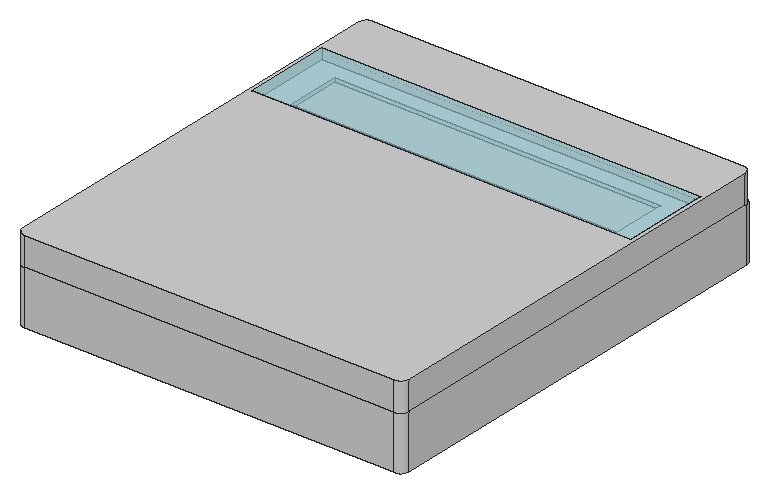
Revit family "Building-QuadriIEC309-GEWISS-68QDIN-QUADRI-20MOD_CIECO", category Apparecchi elettrici, host Superficie, Revit 2019
Family settings
  Host = Superficie
  Mantenere orientamento annotazione = Sì
  Quota connettore circolare = Usa diametro
  Tipo di parte = Normale
  Taglio con vuoti quando caricato = No
  Condiviso = No
  Punto di calcolo locali = Sì
Parameters (values of type "GW68012N - Q-DIN 20M COP.CIECO 560x450x135 IP65")
  visibilita posizionamento 2d [instance] = yes
  simbolo 2d [instance] = yes
  oggetto in pianta [instance] = not(visibilita posizionamento 2d)  # no
  distanza_simbolo [instance] = 0.1 mm
  bordo acceso [instance] = yes
  Visibilità sportello [instance] = yes
  Versione file RFA = "21.5"
  VETRO = Vetro
  URL = "https://www.gewiss.com/it/it"
  Tipologia di installazione = "Da parete"
  Tipo versione = "Vuoto"
  Termopressione con biglia = "70 °C"
  Temperatura di utilizzo = "-25 +40 °C"
  Spostamento_effettivo_S [instance] = 4000 mm - Spostamento_S  # 3000 mm
  Spostamento_S = 1000 mm
  Simbolo_quadro [instance] = not(simbolo 2d)  # no
  Scheda Tecnica = "https://www.gewiss.com/it/it/search?q=GW68012N"
  STRUTTURA ALTA = Poche
  STRUTTURA = RAL - 7035
  SEO = "Quadretto"
  Resistenza agli urti = "IK09"
  Default Elevation = 1219.2 mm
  Produttore = "GEWISS S.p.A."
  Potenza dissipabile B (W) = "92"
  Potenza dissipabile A (W) = "30"
  PRESA = rosso
  POMELLO = bianco
  N_Moduli = 20 mm
  N. prese alloggiabili = "Coperchio cieco"
  N. mod. EN 50022 = "20"
  N. coperchi ciechi in dotazione = "-"
  Modello = "GW68012N"
  L_Moduli = N_Moduli * 19  # 380 mm
  Immagine tipo = GW68012N.jpg
  IDT = "91d94f96-0e3b-43d6-a2ed-d5af9a5ddb7e"
  IDF = "ebf329cc-5afa-41a6-a7ec-8eb83a2ae5aa"
  Grado di protezione = "IP65"
  Glow Wire Test = "650°C"
  Descrizione = "Q-DIN 20M COP.CIECO 560x450x135 IP65"
  Creato da GEWISS S.p.A. = ""
  ConformitÃ  normativa = "EN 60208 - EN 60670-1 - IEC 60670-24"
  Colore = "Grigio RAL 7035"
  Codice Electrocod = "2242"
  Codice EAN = "8011564744820"
  Classe isolamento = "II"
  Catalogo Serie = "68 QDIN"
  Catalogo = "BUILDING"
  COBie.Tagnumber = ""
  COBie.CreatedOn = ""
  COBie.CreatebBy = ""
  COBie.ComponentRegisterItemID = ""
  COBie.Component.TagNumber = ""
  COBie.Component.Space = ""
  COBie.Component.SerialNumber = ""
  COBie.Component.InstallationDate = ""
  COBie.Component.Description = ""
  COBie.Component.BarCode = ""
Reference planes
  plane 1 "Centro (Fronte/Retro)": y = 0
  plane 2: z = 0
  plane 3 "Centro (Sinistra/Destra)": x = 0
  plane 4: x = -3000
  plane 5: x = 0
Forms (mm)
  Extrusion 1, solid, detail levels coarse
    sketch origin (0, 0, 0) x (1, 0, 0) y (0, 1, 0)
      loop
        line (-225, 0) -> (225, 0) -> (225, 509) -> (-225, 509) -> (-225, 0)
    from 0 to 96
Lines and regions (mm)
  Masking region 1, visible <- "visibilita posizionamento 2d"
    outline origin (0, 0, 0) x (1, 0, 0) y (0, 0, 1)
      loop
        line (-225, 0) -> (223.1, 0) -> (223.1, 96) -> (-225, 96) -> (-225, 0)
Dimensions and locks
  plane 4 to plane 3 "Centro (Sinistra/Destra)" = 3000 mm
  "Spostamento_effettivo_S": plane 4 to plane 5
  plane 3 "Centro (Sinistra/Destra)" to Extrusion 1 = 225 mm
  aligned and locked: plane 2 to host face
  aligned and locked: level to host face
  aligned and locked: nested 1 to plane 5
  aligned and locked: nested 3 to plane 5
  aligned and locked: nested 2 to plane 5
  aligned and locked: plane 1 "Centro (Fronte/Retro)" to nested 2
  aligned and locked: plane 3 "Centro (Sinistra/Destra)" to nested 2
  aligned and locked: Masking region 1 to nested 2  (x2)
Automatic sketch dimensions
  host sketch curve to host sketch curve = 2438.4 mm  (x2)
  Masking region 1 sketch curve to level = 0 mm
  Masking region 1 sketch curve to plane 3 "Centro (Sinistra/Destra)" = 225 mm
  plane 3 "Centro (Sinistra/Destra)" to Masking region 1 sketch curve = 223.1 mm
  Masking region 1 sketch curve to Masking region 1 sketch curve = 96 mm
  plane 1 "Centro (Fronte/Retro)" to Extrusion 1 sketch curve = 0 mm
  Extrusion 1 sketch curve to plane 3 "Centro (Sinistra/Destra)" = 225 mm
  plane 3 "Centro (Sinistra/Destra)" to Extrusion 1 sketch curve = 225 mm
  Extrusion 1 sketch curve to Extrusion 1 sketch curve = 509 mm
Nested families
  nested 1: "CENTRALINO" at (0, 737.795, 0), BORDO ACCESO <- "bordo acceso", SIMBOLO ACCESO <- "simbolo 2d", Distanza dal muro <- "distanza_simbolo", visible <- "simbolo 2d", type "CENTRALINO"
    with SIMBOLO ACCESO yes, Distanza dal muro 0.1 mm, BORDO ACCESO yes
  nested 2: "68QDIN20 QUADRO DISTRIBUZ X 8 PRESE IND_BASE" at (0, 317, 0), Visibilita sportello <- "Visibilità sportello", type "68QDIN20 QUADRO DISTRIBUZ X 8 PRESE IND_BASE", detail levels medium+fine
  nested 3: "simb_CENTRALINO_BASE_cad pro" at (0, 737.795, 0), Distanza dal muro <- "distanza_simbolo", visible <- "Simbolo_quadro", SIMBOLO ACCESO <- "Simbolo_quadro", type "simb_CENTRALINO_BASE_cad pro"
    with SIMBOLO ACCESO no, Distanza dal muro 0.1 mm, BORDO ACCESO yes
Definition of nested family "68QDIN20 QUADRO DISTRIBUZ X 8 PRESE IND_BASE"
  Parameters (values of type "68QDIN20 QUADRO DISTRIBUZ X 8 PRESE IND_BASE")
    n_moduli = 380 mm
    h_moduli = 64 mm
    Visibilita sportello [instance] = yes
    Vetro = none
    Struttura = none
    Spessore = 96 mm
    Default Elevation = 14 mm
    Presa = none
    Larghezza = 450 mm
    IFC.TypeObject = ""
    IFC.ExportType = ""
    IFC.ExportAs = ""
    H_da terra = 589.057 mm
    COBie.CreatedOn = ""
    COBie.CreatebBy = ""
    COBie.ComponentRegisterItemID = ""
    COBie.Component.TagNumber = ""
    COBie.Component.Space = ""
    COBie.Component.SerialNumber = ""
    COBie.Component.InstallationDate = ""
    COBie.Component.Description = ""
    COBie.Component.BarCode = ""
    Altezza scatole = 350 mm
    Altezza quadro = 150 mm
    Altezza = 258 mm
  Reference planes
    plane 1 "Centro (Fronte/Retro)": y = 0
    plane 2: z = 0
    plane 3 "Centro (Sinistra/Destra)": x = 0
    plane 4: z = 69.589
    plane 5: z = 115.626
    plane 6: z = 63
    plane 7: x = -225
    plane 8: x = 225
    plane 9: x = -221
    plane 10: x = 221
    plane 11: y = 123.21
    plane 12: y = 21.246
    plane 13: y = 0
    plane 14: y = -146
    plane 15: y = -51
    plane 16: y = -317
    plane 17: y = 192
    plane 18: z = 58
    plane 19: y = 103
    plane 20: y = 39
    plane 21: z = 92.059
    plane 22: z = 96
    plane 23 "posizionamento moduli": z = 84.734
    plane 24: z = 80.558
    plane 25: y = 71
    plane 26: x = 223.1
    plane 27: y = -196.2
    plane 28: x = -206
    plane 29: x = 206
    plane 30: y = -291.2
    plane 31: x = -190
    plane 32: x = 190
  Forms (mm)
    Extrusion 1, solid, material <- "Struttura"
      sketch origin (0, -857.311, 0) x (1, 0, 0) y (0, 1, 0)
        loop
          arc (-215, 1049.311) -> (-222.071, 1046.382) -> (-225, 1039.311) r 10
          line (-225, 1039.311) -> (-225, 550.311)
          arc (-225, 550.311) -> (-222.071, 543.24) -> (-215, 540.311) r 10
          line (-215, 540.311) -> (215, 540.311)
          arc (215, 540.311) -> (222.071, 543.24) -> (225, 550.311) r 10
          line (225, 550.311) -> (225, 1039.311)
          arc (225, 1039.311) -> (222.071, 1046.382) -> (215, 1049.311) r 10
          line (215, 1049.311) -> (-215, 1049.311)
      from 63 to 96
    Extrusion 2, solid, material <- "Struttura"
      sketch origin (0, -857.311, 0) x (1, 0, 0) y (0, 1, 0)
        loop
          line (217.45, 1049.311) -> (-221.38, 1049.311)
          arc (-221.38, 1049.311) -> (-223.94, 1048.251) -> (-225, 1045.691) r 3.62
          line (-225, 1045.691) -> (-225, 550.311)
          arc (-225, 550.311) -> (-222.071, 543.24) -> (-215, 540.311) r 10
          line (-215, 540.311) -> (215, 540.311)
          arc (215, 540.311) -> (222.071, 543.24) -> (225, 550.311) r 10
          line (225, 550.311) -> (225, 1041.76)
          arc (225, 1041.76) -> (222.789, 1047.099) -> (217.45, 1049.311) r 7.55
      from 0 to 63
    Extrusion 3, void
      sketch origin (0, -857.311, 0) x (1, 0, 0) y (0, 1, 0)
        loop
          line (-221, 980.52) -> (-221, 878.557) -> (221, 878.557) -> (221, 980.52) -> (-221, 980.52)
      from 69.589 to 96
    Extrusion 4, solid, material <- "Vetro", visible <- "Visibilita sportello", detail levels fine
      sketch origin (0, -857.311, 0) x (1, 0, 0) y (0, 1, 0)
        loop
          line (-221, 980.52) -> (-221, 878.557) -> (221, 878.557) -> (221, 980.52) -> (-221, 980.52)
      from 92.059 to 96
    Extrusion 5, void
      sketch origin (0, 0, 0) x (1, 0, 0) y (0, 1, 0)
        loop
          line (-190, 39) -> (190, 39) -> (190, 103) -> (-190, 103) -> (-190, 39)
      from 80.558 to 84.734
    Extrusion 6, solid
      sketch origin (0, 0, 0) x (1, 0, 0) y (0, 1, 0)
        loop
          line (-221, 123.21) -> (-221, 21.246) -> (221, 21.246) -> (221, 123.21) -> (-221, 123.21)
      from 80.558 to 84.734
  Cuts and joins
    Extrusion 3 cuts Extrusion 1
    Extrusion 5 cuts Extrusion 6
    Extrusion 5 cuts Extrusion 4
  Lines and regions (mm)
    model lines
      curve 1: line (-177.5, 71, 84.734) -> (182.5, 71, 84.734)
  Dimensions and locks
    plane 4 to plane 5 = 46.036 mm
    locked: plane 7 to plane 9 at 4
    locked: plane 10 to plane 8 at 4
    equal spacing: plane 7, plane 3 "Centro (Sinistra/Destra)", plane 8
    "Larghezza": plane 7 to plane 8
    plane 13 to plane 15 = 51 mm
    plane 1 "Centro (Fronte/Retro)" to plane 17 = 192 mm
    plane 16 to plane 13 = 317 mm
    plane 12 to plane 1 "Centro (Fronte/Retro)" = 21.246 mm
    plane 11 to plane 17 = 68.79 mm
    locked: plane 6 to plane 18 at 5
    "h_moduli": plane 19 to plane 20
    locked: plane 22 to plane 21 at 3.941
    plane 6 to plane 2 = 63 mm
    locked: plane 21 to plane 23 "posizionamento moduli" at 7.325
    locked: plane 23 "posizionamento moduli" to plane 24 at 4.176
    equal spacing: plane 19, plane 25, plane 20
    locked: plane 26 to plane 8 at 1.9
    plane 15 to plane 14 = 95 mm
    plane 27 to plane 14 = 50.2 mm
    plane 7 to plane 8 = 450 mm
    plane 16 to plane 17 = 509 mm
    plane 27 to plane 30 = 95 mm
    equal spacing: plane 31, plane 3 "Centro (Sinistra/Destra)", plane 32
    "n_moduli": plane 31 to plane 32
    radius of Extrusion 2 sketch curve = 10 mm  (x2)
    radius of Extrusion 2 sketch curve = 3.62 mm
    radius of Extrusion 2 sketch curve = 7.55 mm
    radius of Extrusion 1 sketch curve = 10 mm  (x4)
    aligned and locked: level to plane 2
    aligned and locked: cut or joined group of Extrusion 1, Extrusion 3 to plane 4
    aligned and locked: plane 7 to Extrusion 2 sketch curve
    aligned and locked: plane 8 to Extrusion 2 sketch curve
    aligned and locked: plane 8 to Extrusion 1 sketch curve
    aligned and locked: plane 7 to Extrusion 1 sketch curve
    aligned and locked: Extrusion 4 sketch curve to plane 9
    aligned and locked: Extrusion 4 sketch curve to plane 10
    aligned and locked: Extrusion 3 sketch curve to plane 9
    aligned and locked: Extrusion 3 sketch curve to plane 10
    aligned and locked: Extrusion 4 sketch curve to plane 11
    aligned and locked: Extrusion 4 sketch curve to plane 12
    aligned and locked: Extrusion 3 sketch curve to plane 11
    aligned and locked: Extrusion 3 sketch curve to plane 12
    aligned and locked: plane 16 to Extrusion 2 sketch curve
    aligned and locked: plane 1 "Centro (Fronte/Retro)" to plane 13
    aligned and locked: plane 17 to Extrusion 1 sketch curve
    aligned and locked: Extrusion 5 sketch curve to plane 19
    aligned and locked: Extrusion 5 sketch curve to plane 20
    aligned and locked: plane 23 "posizionamento moduli" to Extrusion 5
    aligned and locked: Extrusion 5 to plane 24
    aligned and locked: Extrusion 6 sketch curve to plane 11
    aligned and locked: Extrusion 6 sketch curve to plane 12
    aligned and locked: Extrusion 6 to plane 24
    aligned and locked: plane 23 "posizionamento moduli" to Extrusion 6
    aligned and locked: Extrusion 6 sketch curve to Extrusion 4  (x2)
    aligned and locked: curve 1 to plane 25
    aligned and locked: plane 16 to Extrusion 1 sketch curve
    aligned and locked: Extrusion 2 sketch curve to plane 17
    aligned and locked: Extrusion 5 sketch curve to plane 31
    aligned and locked: Extrusion 5 sketch curve to plane 32
  Automatic sketch dimensions
    curve 1 to plane 31 = 12.5 mm
    plane 32 to curve 1 = 7.5 mm
Definition of nested family "CENTRALINO"
  Parameters (values of type "CENTRALINO")
    SIMBOLO ACCESO [instance] = yes
    Distanza dal muro [instance] = 0 mm
    BORDO ACCESO [instance] = yes
  Reference planes
    plane 1: y = 0
    plane 2: x = 0
  Dimensions and locks
    "Distanza dal muro": plane 1 to nested 1
    aligned and locked: plane 2 to nested 1
  Nested families
    nested 1: "CENTRALINO_BASE" at (0, 0, 0), BORDO ACCESO <- "BORDO ACCESO", visible <- "SIMBOLO ACCESO", type "CENTRALINO"
      with BORDO ACCESO yes
  Definition of nested family "CENTRALINO_BASE"
    Parameters (values of type "CENTRALINO")
      Distanza dal muro = 0 mm
      BORDO ACCESO [instance] = yes
    Reference planes
      plane 1: y = 0
      plane 2: x = 0
    Lines and regions (mm)
      detail lines, visible <- "BORDO ACCESO", not visible
        curve 1: line (-2.443, 10.208, 0) -> (2.057, 10.208, 0)
        curve 2: line (2.057, 10.208, 0) -> (2.057, 4.208, 0)
        curve 3: line (2.057, 4.208, 0) -> (-2.443, 4.208, 0)
        curve 4: line (-2.443, 4.208, 0) -> (-2.443, 10.208, 0)
        curve 5: line (-2.043, 9.808, 0) -> (1.657, 9.808, 0)
        curve 6: line (1.657, 9.808, 0) -> (1.657, 4.608, 0)
        curve 7: line (1.657, 4.608, 0) -> (-2.043, 4.608, 0)
        curve 8: line (-2.043, 4.608, 0) -> (-2.043, 9.808, 0)
      detail lines
        curve 9: line (0, 0.671, 0) -> (0, 0, 0)
        curve 10: line (0.659, 0.671, 0) -> (0.659, 1.33, 0)
        curve 11: line (0.659, 1.33, 0) -> (-0.659, 1.33, 0)
        curve 12: line (-0.659, 1.33, 0) -> (-0.659, 0.671, 0)
        curve 13: line (-0.659, 0.671, 0) -> (0.659, 0.671, 0)
        curve 14: line (0.497, 1.33, 0) -> (0.497, 2, 0)
        curve 15: line (0.167, 1.33, 0) -> (0.167, 2, 0)
        curve 16: line (-0.162, 1.33, 0) -> (-0.162, 2, 0)
        curve 17: line (-0.491, 1.33, 0) -> (-0.491, 2, 0)
Definition of nested family "simb_CENTRALINO_BASE_cad pro"
  Parameters (values of type "simb_CENTRALINO_BASE_cad pro")
    SIMBOLO ACCESO [instance] = yes
    Distanza dal muro [instance] = 0 mm
    BORDO ACCESO [instance] = yes
  Reference planes
    plane 1: y = 0
    plane 2: x = 0
  Dimensions and locks
    "Distanza dal muro": plane 1 to nested 1
    aligned and locked: plane 2 to nested 1
  Nested families
    nested 1: "CENTRALINO_BASE_cad pro" at (0, 0, 0), type "CENTRALINO"
  Definition of nested family "CENTRALINO_BASE_cad pro"
    Parameters (values of type "CENTRALINO")
      Distanza dal muro = 0 mm
    Reference planes
      plane 1: y = 0
      plane 2: x = 0
    Lines and regions (mm)
      detail lines
        curve 1: line (1.33, 1.33, 0) -> (2.109, 1.33, 0)
        curve 2: line (2.109, 1.33, 0) -> (2.109, 0, 0)
        curve 3: line (2.109, 0, 0) -> (1.33, 0, 0)
        curve 4: line (1.33, 0, 0) -> (-1.33, 1.33, 0)
        curve 5: line (-1.33, 1.33, 0) -> (1.33, 1.33, 0)
        curve 6: line (1.33, 1.33, 0) -> (1.33, 0, 0)
        curve 7: line (1.33, 0, 0) -> (-1.33, 0, 0)
        curve 8: line (-1.33, 0, 0) -> (-1.33, 1.33, 0)
        curve 9: line (1.461, 0.665, 0) -> (1.977, 0.665, 0)
        curve 10: line (1.719, 0.665, 0) -> (1.719, 1.01, 0)
        curve 11: arc (1.977, 0.406, 0) -> (1.719, 0.665, 0) -> (1.461, 0.406, 0) r 0.258
